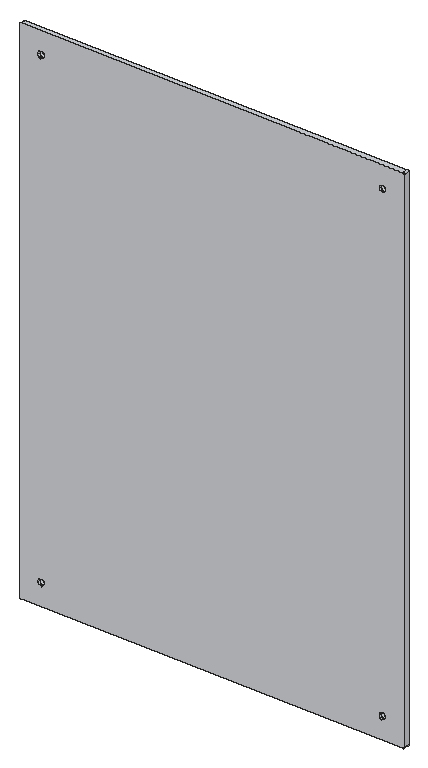
Revit family "rba-bim-rba8127 Series", category Plumbing Fixtures, Revit 2018
Family settings
  Round Connector Dimension = Use Diameter
  Part Type = Normal
  Work Plane-Based = No
  Always vertical = Yes
  Cut with Voids When Loaded = No
  Shared = Yes
  Room Calculation Point = No
Parameters (values of type "RBA8127-1824")
  Width = 445 mm
  Watermarked By = "www.rba.com.au"
  URL = "www.rba.com.au"
  Phone Number = ""
  Modified Issue = "20210820.1"
  Model = "RBA8127-1824"
  Materials and Finishes = Stainless Steel
  Manufacturer = "RBA Group"  # constant formula
  Height = 597 mm
  Description = "Stainless Steel Mirror"
  Copyright by = "RBA Group"  # constant formula
Reference planes
  plane 1 "Center (Front/Back)": y = 0
  plane 2: z = 0
  plane 3 "Center (Left/Right)": x = 0
Forms (mm)
  Extrusion 1, void
    sketch origin (0, 0, 0) x (1, 0, 0) y (0, 0, 1)
      loop
        line (217.2, 591.7) -> (-217.2, 591.7) -> (-217.2, 5.3) -> (217.2, 5.3) -> (217.2, 591.7)
    from -2 to -6
  Extrusion 2, void
    sketch origin (0, 0, 0) x (1, 0, 0) y (0, 0, 1)
      loop
        circle (-197.5, 572) r 4.015
      loop
        circle (197.5, 572) r 4.015
      loop
        circle (-197.5, 25) r 4.015
      loop
        circle (197.5, 25) r 4.015
    from -5.5 to 0
  Extrusion 3, solid
    sketch origin (0, 10, 0) x (1, 0, 0) y (0, 0, 1)
      loop
        line (221, 597) -> (-221, 597)
        arc (-221, 597) -> (-222.061, 596.561) -> (-222.5, 595.5) r 1.5
        line (-222.5, 595.5) -> (-222.5, 1.5)
        arc (-222.5, 1.5) -> (-222.061, 0.439) -> (-221, 0) r 1.5
        line (-221, 0) -> (221, 0)
        arc (221, 0) -> (222.061, 0.439) -> (222.5, 1.5) r 1.5
        line (222.5, 1.5) -> (222.5, 595.5)
        arc (222.5, 595.5) -> (222.061, 596.561) -> (221, 597) r 1.5
    from 4 to 10
  Extrusion 4, solid
    sketch origin (0, 0, 0) x (1, 0, 0) y (0, 0, 1)
      loop
        line (217.2, 591.7) -> (-217.2, 591.7) -> (-217.2, 5.3) -> (217.2, 5.3) -> (217.2, 591.7)
    from -2 to -5.5
Cuts and joins
  Extrusion 1, Extrusion 2 cuts Extrusion 3
  Extrusion 2 cuts Extrusion 4
Dimensions and locks
  "Height": Extrusion 3 sketch curve to Extrusion 3 sketch curve
  "Width": Extrusion 3 sketch curve to Extrusion 3 sketch curve
  locked: Extrusion 3 to Extrusion 2 sketch curve at 25  (x6)
  locked: Extrusion 2 sketch curve to Extrusion 3 at 25  (x2)
  locked: Extrusion 3 to Extrusion 1 at 5.3  (x3)
  locked: Extrusion 1 to Extrusion 3 at 5.3
  equal spacing: cut or joined group of Extrusion 1, Extrusion 2, Extrusion 3, plane 3 "Center (Left/Right)", cut or joined group of Extrusion 1, Extrusion 2, Extrusion 3
  locked: cut or joined group of Extrusion 1, Extrusion 2, Extrusion 3 to Extrusion 4 at 5.3  (x2)
  locked: Extrusion 4 to cut or joined group of Extrusion 1, Extrusion 2, Extrusion 3 at 5.3
  locked: cut or joined group of Extrusion 1, Extrusion 2, Extrusion 3 to Extrusion 4 sketch curve at 5.3
  aligned and locked: level to plane 2
Automatic sketch dimensions
  Extrusion 1 sketch curve to plane 3 "Center (Left/Right)" = 217.2 mm
  level to Extrusion 1 sketch curve = 5.3 mm
  plane 3 "Center (Left/Right)" to Extrusion 1 sketch curve = 217.2 mm
  Extrusion 1 sketch curve to Extrusion 1 sketch curve = 586.4 mm
  Extrusion 4 sketch curve to plane 3 "Center (Left/Right)" = 217.2 mm
  plane 3 "Center (Left/Right)" to Extrusion 4 sketch curve = 217.2 mm
  level to Extrusion 4 sketch curve = 5.3 mm
  Extrusion 3 sketch curve to level = 0 mm
  Extrusion 3 sketch curve to plane 3 "Center (Left/Right)" = 222.5 mm
  Extrusion 3 sketch curve to Extrusion 3 sketch curve = 1.5 mm  (x3)
  level to Extrusion 3 sketch curve = 1.5 mm
  radius of Extrusion 2 sketch curve = 4.015 mm  (x4)
